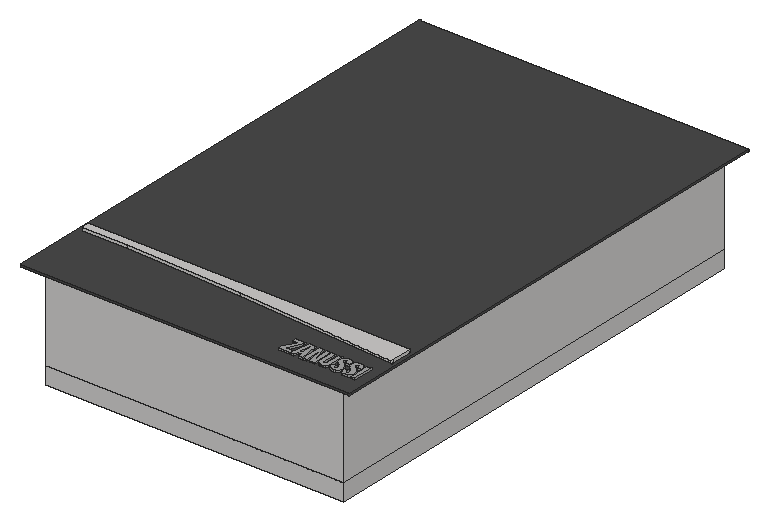
Revit family "QF_ZANUSSI_600888_Z1HDEDOMCS", category Specialty Equipment, Revit 2018
Family settings
  Round Connector Dimension = Use Diameter
  Part Type = Normal
  Work Plane-Based = No
  Always vertical = Yes
  Cut with Voids When Loaded = No
  Shared = No
  Room Calculation Point = No
Parameters (values of type "Standard")
  Watts = 0 W
  Volts = 220 V
  URL = "http://www.zanussiprofessional.com"
  Steam Supply Size = 0 mm
  Steam Supply Minimum Pressure = 0.0 Pa
  Steam Supply Maximum Pressure = 0.0 Pa
  Steam Pounds per Hour = 0
  Show Logo [instance] = yes
  Manufacturer = "Zanussi"
  Phase = 1
  Model = "Z1HDEDOMCS"
  Item Number = "600888"
  Hot Water Size = 0 mm
  HP = "4.7 HP"
  Gas Size = 0 mm
  Gas KW = 0
  Direct Waste Size = 0 mm
  Description = "PLUG-IN INDUCTION MONO ZONE COOK TOP, DROP-IN"
  Cycle = 60 Hz
  Condensate Return Size = 0 mm
  Compressed Air Volume = 0.0 L/s
  Compressed Air Size = 0 mm
  Compressed Air Pressure = 0.0 Pa
  Cold Water Size = 0 mm
Types (2, lengths in mm): name | URL | Manufacturer | Phase | Model | Description
  (no name) | 0 | 0 | 0 | 0 | 0
  Standard | "http://www.zanussiprofessional.com" | "Zanussi" | 1 | "Z1HDEDOMCS" | "PLUG-IN INDUCTION MONO ZONE COOK TOP, DROP-IN"
Values of the unnamed type that differ from the named types
  Volts = 0 V
  Item Number = ""
  Cycle = 0 Hz
Reference planes
  plane 1 "Centro (Fronte/Retro)": y = 74.737
  plane 2: z = 0
  plane 3: x = -514.269
  plane 4 "LEFT": x = -709.269
  plane 5 "RIGHT": x = -319.269
  plane 6 "BACK": y = 369.737
  plane 7 "FRONT": y = -220.263
  plane 8: y = -124.263
  plane 9: x = -690.269
  plane 10: x = -338.269
  plane 11: y = 355.737
  plane 12: y = -205.263
  plane 13: x = -442.269
  plane 14: y = 179.737
  plane 15: z = 900
Forms (mm)
  Extrusion 1, solid, material "QF_Finishes_Stainless Steel"
    sketch origin (0, 0, 774) x (1, 0, 0) y (0, 1, 0)
      loop
        line (-341.269, 352.737) -> (-687.269, 352.737) -> (-687.269, -202.263) -> (-341.269, -202.263) -> (-341.269, 352.737)
      loop
        line (-690.269, 355.737) -> (-690.269, -205.263) -> (-338.269, -205.263) -> (-338.269, 355.737) -> (-690.269, 355.737)
    from 21 to 126
  Extrusion 2, solid, material "QF_Finishes_Black"
    sketch origin (0, 0, 900) x (-1, 0, 0) y (0, -1, 0)
      loop
        arc (707.269, -369.737) -> (708.683, -369.151) -> (709.269, -367.737) r 2
        line (709.269, -367.737) -> (709.269, 218.263)
        arc (709.269, 218.263) -> (708.683, 219.677) -> (707.269, 220.263) r 2
        line (707.269, 220.263) -> (321.269, 220.263)
        arc (321.269, 220.263) -> (319.854, 219.677) -> (319.269, 218.263) r 2
        line (319.269, 218.263) -> (319.269, -367.737)
        arc (319.269, -367.737) -> (319.854, -369.151) -> (321.269, -369.737) r 2
        line (321.269, -369.737) -> (707.269, -369.737)
    from 0 to 2
  Extrusion 3, solid, material "QF_Finishes_Stainless Steel"
    sketch origin (0, 0, 775) x (1, 0, 0) y (0, 1, 0)
      loop
        line (-690.269, 355.737) -> (-690.269, -205.263) -> (-338.269, -205.263) -> (-338.269, 355.737) -> (-690.269, 355.737)
    from 0 to 20
  Extrusion 4, solid, material "QF_Finishes_Stainless Steel"
    sketch origin (0, 0, 127) x (-1, 0, 0) y (0, -1, 0)
      loop
        circle (442.269, -179.737) r 10
    from 638.028 to 648
  Extrusion 5, solid, material "QF_Finishes_Stainless Steel"
    sketch origin (0, 0, 900) x (-1, 0, 0) y (0, -1, 0)
      loop
        arc (702.769, 124.263) -> (703.829, 124.702) -> (704.269, 125.763) r 1.5
        line (704.269, 125.763) -> (704.269, 132.763)
        arc (704.269, 132.763) -> (703.829, 133.824) -> (702.769, 134.263) r 1.5
        line (702.769, 134.263) -> (651.769, 134.263)
        arc (651.769, 134.263) -> (582.973, 135.513) -> (514.269, 139.263) r 1893.125
        arc (514.269, 139.263) -> (420.209, 148.26) -> (325.769, 151.263) r 1486.51
        arc (325.769, 151.263) -> (324.708, 150.824) -> (324.269, 149.763) r 1.5
        line (324.269, 149.763) -> (324.269, 125.763)
        arc (324.269, 125.763) -> (324.708, 124.702) -> (325.769, 124.263) r 1.5
        line (325.769, 124.263) -> (702.769, 124.263)
    from 2 to 5
Lines and regions (mm)
  Split face 1
    outline origin (0, 0, 902) x (-1, 0, 0) y (0, -1, 0)
      loop
        line (324.269, 124.263) -> (324.269, -364.737) -> (704.269, -364.737) -> (704.269, 124.263) -> (324.269, 124.263)
  Split face 2
    outline origin (0, 0, 902) x (-1, 0, 0) y (0, -1, 0)
      loop
        line (704.269, -364.737) -> (704.269, 124.263) -> (324.269, 124.263) -> (324.269, -364.737) -> (704.269, -364.737)
  Split face 3
    outline origin (0, 0, 902) x (-1, 0, 0) y (0, -1, 0)
      loop
        circle (514.269, -120.237) r 139
  symbolic lines
    curve 1: arc (-375.269, 120.237, 126) -> (-514.269, 259.237, 126) -> (-653.269, 120.237, 126) r 139
    curve 2: arc (-653.269, 120.237, 126) -> (-514.269, -18.763, 126) -> (-375.269, 120.237, 126) r 139
    curve 3: line (-324.269, -124.263, 126) -> (-704.269, -124.263, 126)
    curve 4: line (-704.269, -124.263, 126) -> (-704.269, 364.737, 126)
    curve 5: line (-324.269, 364.737, 126) -> (-324.269, -124.263, 126)
    curve 6: line (-704.269, 364.737, 126) -> (-324.269, 364.737, 126)
    curve 7: line (-321.269, 369.737, 126) -> (-707.269, 369.737, 126)
    curve 8: arc (-707.269, 369.737, 126) -> (-708.683, 369.151, 126) -> (-709.269, 367.737, 126) r 2
    curve 9: line (-709.269, 367.737, 126) -> (-709.269, -218.263, 126)
    curve 10: arc (-709.269, -218.263, 126) -> (-708.683, -219.677, 126) -> (-707.269, -220.263, 126) r 2
    curve 11: line (-707.269, -220.263, 126) -> (-321.269, -220.263, 126)
    curve 12: arc (-321.269, -220.263, 126) -> (-319.854, -219.677, 126) -> (-319.269, -218.263, 126) r 2
    curve 13: line (-319.269, -218.263, 126) -> (-319.269, 367.737, 126)
    curve 14: arc (-319.269, 367.737, 126) -> (-319.854, 369.151, 126) -> (-321.269, 369.737, 126) r 2
    curve 15: arc (-702.769, -124.263, 126) -> (-703.829, -124.702, 126) -> (-704.269, -125.763, 126) r 1.5
    curve 16: line (-704.269, -125.763, 126) -> (-704.269, -132.763, 126)
    curve 17: arc (-704.269, -132.763, 126) -> (-703.829, -133.824, 126) -> (-702.769, -134.263, 126) r 1.5
    curve 18: line (-702.769, -134.263, 126) -> (-651.769, -134.263, 126)
    curve 19: arc (-324.269, -125.763, 126) -> (-324.708, -124.702, 126) -> (-325.769, -124.263, 126) r 1.5
    curve 20: line (-324.269, -149.763, 126) -> (-324.269, -125.763, 126)
    curve 21: arc (-325.769, -151.263, 126) -> (-324.708, -150.824, 126) -> (-324.269, -149.763, 126) r 1.5
    curve 22: arc (-651.769, -134.263, 126) -> (-582.973, -135.513, 126) -> (-514.269, -139.263, 126) r 1893.125
    curve 23: arc (-514.269, -139.263, 126) -> (-420.209, -148.26, 126) -> (-325.769, -151.263, 126) r 1486.51
    curve 24: line (-415.208, -176.613, 126) -> (-422.226, -191.352, 126)
    curve 25: line (-422.226, -191.352, 126) -> (-422.226, -196.265, 126)
    curve 26: line (-422.226, -196.265, 126) -> (-409.452, -196.265, 126)
    curve 27: line (-409.452, -196.265, 126) -> (-409.452, -191.352, 126)
    curve 28: line (-409.452, -191.352, 126) -> (-416.821, -191.352, 126)
    curve 29: line (-416.821, -191.352, 126) -> (-409.452, -176.332, 126)
    curve 30: line (-409.452, -176.332, 126) -> (-409.452, -172.261, 126)
    curve 31: line (-409.452, -172.261, 126) -> (-421.665, -172.261, 126)
    curve 32: line (-421.665, -172.261, 126) -> (-421.665, -176.753, 126)
    curve 33: line (-421.665, -176.753, 126) -> (-415.208, -176.613, 126)
    curve 34: line (-404.82, -172.261, 126) -> (-409.172, -196.265, 126)
    curve 35: line (-409.172, -196.265, 126) -> (-404.118, -196.265, 126)
    curve 36: line (-404.118, -196.265, 126) -> (-403.416, -191.633, 126)
    curve 37: line (-403.416, -191.633, 126) -> (-399.346, -191.633, 126)
    curve 38: line (-399.346, -191.633, 126) -> (-398.644, -196.265, 126)
    curve 39: line (-398.644, -196.265, 126) -> (-393.59, -196.265, 126)
    curve 40: line (-393.59, -196.265, 126) -> (-398.082, -172.261, 126)
    curve 41: line (-398.082, -172.261, 126) -> (-404.82, -172.261, 126)
    curve 42: line (-401.451, -176.364, 126) -> (-400.047, -187.281, 126)
    curve 43: line (-400.047, -187.281, 126) -> (-402.855, -187.281, 126)
    curve 44: line (-402.855, -187.281, 126) -> (-401.451, -176.364, 126)
    curve 45: line (-393.309, -172.261, 126) -> (-393.309, -196.265, 126)
    curve 46: line (-393.309, -196.265, 126) -> (-388.958, -196.265, 126)
    curve 47: line (-388.958, -196.265, 126) -> (-388.958, -180.403, 126)
    curve 48: line (-388.958, -180.403, 126) -> (-384.887, -196.265, 126)
    curve 49: line (-384.887, -196.265, 126) -> (-379.553, -196.265, 126)
    curve 50: line (-379.553, -196.265, 126) -> (-379.553, -172.261, 126)
    curve 51: line (-379.553, -172.261, 126) -> (-384.045, -172.261, 126)
    curve 52: line (-384.045, -172.261, 126) -> (-384.045, -187.562, 126)
    curve 53: line (-384.045, -187.562, 126) -> (-388.116, -172.261, 126)
    curve 54: line (-388.116, -172.261, 126) -> (-393.309, -172.261, 126)
    curve 55: line (-378.43, -172.261, 126) -> (-378.43, -188.404, 126)
    curve 56: line (-378.43, -188.404, 126) -> (-378.149, -192.334, 126)
    curve 57: line (-378.149, -192.334, 126) -> (-377.728, -193.317, 126)
    curve 58: line (-377.728, -193.317, 126) -> (-376.745, -194.58, 126)
    curve 59: line (-376.745, -194.58, 126) -> (-375.763, -195.282, 126)
    curve 60: line (-375.763, -195.282, 126) -> (-373.797, -196.124, 126)
    curve 61: line (-373.797, -196.124, 126) -> (-372.815, -196.265, 126)
    curve 62: line (-372.815, -196.265, 126) -> (-370.569, -196.265, 126)
    curve 63: line (-370.569, -196.265, 126) -> (-369.446, -195.984, 126)
    curve 64: line (-369.446, -195.984, 126) -> (-367.761, -195.001, 126)
    curve 65: line (-367.761, -195.001, 126) -> (-365.796, -192.194, 126)
    curve 66: line (-365.796, -192.194, 126) -> (-365.656, -191.211, 126)
    curve 67: line (-365.656, -191.211, 126) -> (-365.656, -172.261, 126)
    curve 68: line (-365.656, -172.261, 126) -> (-370.569, -172.261, 126)
    curve 69: line (-370.569, -172.261, 126) -> (-370.569, -190.088, 126)
    curve 70: line (-370.569, -190.088, 126) -> (-371.13, -191.352, 126)
    curve 71: line (-371.13, -191.352, 126) -> (-372.675, -191.492, 126)
    curve 72: line (-372.675, -191.492, 126) -> (-373.517, -190.509, 126)
    curve 73: line (-373.517, -190.509, 126) -> (-373.517, -172.261, 126)
    curve 74: line (-373.517, -172.261, 126) -> (-378.43, -172.261, 126)
    curve 75: line (-353.163, -184.895, 126) -> (-358.778, -179.841, 126)
    curve 76: line (-358.778, -179.841, 126) -> (-359.479, -178.999, 126)
    curve 77: line (-359.479, -178.999, 126) -> (-359.76, -176.753, 126)
    curve 78: line (-359.76, -176.753, 126) -> (-358.076, -175.911, 126)
    curve 79: line (-358.076, -175.911, 126) -> (-356.672, -176.893, 126)
    curve 80: line (-356.672, -176.893, 126) -> (-356.532, -179.841, 126)
    curve 81: line (-356.532, -179.841, 126) -> (-351.899, -179.841, 126)
    curve 82: line (-351.899, -179.841, 126) -> (-352.18, -175.068, 126)
    curve 83: line (-352.18, -175.068, 126) -> (-355.128, -172.401, 126)
    curve 84: line (-355.128, -172.401, 126) -> (-363.269, -173.805, 126)
    curve 85: line (-363.269, -173.805, 126) -> (-364.252, -180.824, 126)
    curve 86: line (-364.252, -180.824, 126) -> (-362.006, -184.052, 126)
    curve 87: line (-362.006, -184.052, 126) -> (-359.62, -186.158, 126)
    curve 88: line (-359.62, -186.158, 126) -> (-356.672, -189.106, 126)
    curve 89: line (-356.672, -189.106, 126) -> (-357.233, -191.773, 126)
    curve 90: line (-357.233, -191.773, 126) -> (-359.058, -191.913, 126)
    curve 91: line (-359.058, -191.913, 126) -> (-360.041, -187.842, 126)
    curve 92: line (-360.041, -187.842, 126) -> (-364.954, -187.842, 126)
    curve 93: line (-364.954, -187.842, 126) -> (-363.55, -194.44, 126)
    curve 94: line (-363.55, -194.44, 126) -> (-357.374, -196.265, 126)
    curve 95: line (-357.374, -196.265, 126) -> (-351.759, -192.334, 126)
    curve 96: line (-351.759, -192.334, 126) -> (-353.163, -184.895, 126)
    curve 97: line (-339.266, -184.754, 126) -> (-345.161, -179.42, 126)
    curve 98: line (-345.161, -179.42, 126) -> (-345.863, -177.595, 126)
    curve 99: line (-345.863, -177.595, 126) -> (-345.302, -176.191, 126)
    curve 100: line (-345.302, -176.191, 126) -> (-344.038, -175.911, 126)
    curve 101: line (-344.038, -175.911, 126) -> (-342.635, -176.893, 126)
    curve 102: line (-342.635, -176.893, 126) -> (-342.494, -179.701, 126)
    curve 103: line (-342.494, -179.701, 126) -> (-337.722, -179.841, 126)
    curve 104: line (-337.722, -179.841, 126) -> (-338.283, -174.928, 126)
    curve 105: line (-338.283, -174.928, 126) -> (-345.723, -171.98, 126)
    curve 106: line (-345.723, -171.98, 126) -> (-350.215, -175.63, 126)
    curve 107: line (-350.215, -175.63, 126) -> (-348.951, -182.929, 126)
    curve 108: line (-348.951, -182.929, 126) -> (-343.758, -187.562, 126)
    curve 109: line (-343.758, -187.562, 126) -> (-342.635, -189.246, 126)
    curve 110: line (-342.635, -189.246, 126) -> (-343.056, -191.773, 126)
    curve 111: line (-343.056, -191.773, 126) -> (-344.46, -192.054, 126)
    curve 112: line (-344.46, -192.054, 126) -> (-346.003, -187.702, 126)
    curve 113: line (-346.003, -187.702, 126) -> (-350.917, -187.842, 126)
    curve 114: line (-350.917, -187.842, 126) -> (-349.092, -194.721, 126)
    curve 115: line (-349.092, -194.721, 126) -> (-341.091, -195.703, 126)
    curve 116: line (-341.091, -195.703, 126) -> (-338.002, -192.896, 126)
    curve 117: line (-338.002, -192.896, 126) -> (-339.266, -184.754, 126)
    curve 118: line (-331.966, -172.261, 126) -> (-336.879, -172.261, 126)
    curve 119: line (-336.879, -172.261, 126) -> (-336.879, -196.265, 126)
    curve 120: line (-336.879, -196.265, 126) -> (-331.966, -196.265, 126)
    curve 121: line (-331.966, -196.265, 126) -> (-331.966, -172.261, 126)
Dimensions and locks
  equal spacing: plane 4 "LEFT", plane 3, plane 5 "RIGHT"
  plane 4 "LEFT" to plane 5 "RIGHT" = 390 mm
  equal spacing: plane 6 "BACK", plane 1 "Centro (Fronte/Retro)", plane 7 "FRONT"
  plane 6 "BACK" to plane 7 "FRONT" = 590 mm
  locked: plane 4 "LEFT" to plane 9 at 19
  locked: plane 10 to plane 5 "RIGHT" at 19
  locked: plane 6 "BACK" to plane 11 at 14
  locked: plane 12 to plane 7 "FRONT" at 15
  locked: plane 13 to plane 5 "RIGHT" at 123
  plane 6 "BACK" to plane 14 = 190 mm
  plane 15 to level = 900 mm
  aligned and locked: level to plane 2
Automatic sketch dimensions
  curve 1 to curve 2 = 0 mm  (x2)
  curve 13 to plane 5 "RIGHT" = 0 mm
  curve 12 to plane 7 "FRONT" = 0 mm
  curve 14 to plane 6 "BACK" = 0 mm
  curve 5 to plane 8 = 0 mm
  curve 23 to plane 3 = 0 mm
  curve 2 to plane 3 = 0 mm
  curve 9 to plane 4 "LEFT" = 0 mm
  curve 12 to plane 5 "RIGHT" = 2 mm
  curve 14 to plane 5 "RIGHT" = 2 mm
  curve 14 to curve 5 = 3 mm
  curve 20 to plane 5 "RIGHT" = 5 mm
  curve 21 to curve 21 = 1.5 mm
  curve 19 to curve 19 = 1.5 mm
  plane 10 to curve 121 = 6.302 mm
  plane 10 to curve 118 = 1.389 mm
  plane 10 to curve 104 = 0.547 mm
  plane 10 to curve 116 = 0.266 mm
  curve 105 to plane 10 = 0.014 mm
  curve 97 to plane 10 = 0.997 mm
  curve 115 to plane 10 = 2.822 mm
  curve 103 to plane 10 = 4.225 mm
  curve 110 to plane 10 = 4.366 mm
  curve 102 to curve 101 = 0.141 mm
  curve 109 to curve 110 = 0.421 mm
  curve 109 to curve 108 = 1.123 mm
  curve 101 to curve 101 = 1.404 mm
  curve 110 to curve 111 = 1.404 mm
  curve 102 to curve 97 = 2.667 mm
  curve 100 to curve 100 = 1.263 mm
  curve 99 to curve 106 = 0.421 mm
  curve 99 to curve 98 = 0.562 mm
  curve 108 to curve 112 = 2.246 mm
  curve 97 to curve 108 = 3.79 mm
  curve 111 to curve 115 = 4.632 mm
  curve 98 to curve 106 = 4.352 mm
  curve 112 to curve 113 = 4.913 mm
  curve 114 to curve 95 = 2.667 mm
  curve 107 to curve 81 = 2.948 mm
  curve 106 to curve 83 = 1.965 mm
  curve 113 to curve 75 = 2.246 mm
  curve 82 to curve 83 = 2.948 mm
  curve 81 to curve 80 = 4.632 mm
  curve 80 to curve 79 = 0.14 mm
  curve 75 to curve 88 = 3.509 mm
  curve 88 to curve 90 = 0.562 mm
  plane 12 to curve 94 = 8.998 mm
  curve 89 to curve 94 = 0.14 mm
  curve 79 to curve 78 = 1.404 mm
  curve 80 to curve 76 = 2.246 mm
  curve 89 to curve 90 = 1.825 mm
  curve 75 to curve 77 = 0.702 mm
  curve 88 to curve 88 = 2.948 mm
  curve 78 to curve 78 = 1.684 mm
  curve 87 to curve 92 = 0.421 mm
  curve 87 to curve 87 = 2.386 mm
  curve 77 to curve 84 = 3.509 mm
  plane 12 to curve 93 = 10.823 mm
  curve 90 to curve 93 = 4.492 mm
  curve 86 to curve 85 = 2.246 mm
  curve 86 to curve 92 = 2.948 mm
  curve 84 to curve 67 = 2.386 mm
  plane 12 to curve 65 = 13.069 mm
  curve 66 to curve 65 = 0.14 mm
  plane 12 to curve 65 = 10.262 mm
  curve 65 to curve 65 = 1.965 mm
  plane 12 to curve 64 = 9.279 mm
  curve 64 to curve 64 = 1.685 mm
  curve 66 to curve 69 = 4.913 mm
  curve 63 to curve 62 = 1.123 mm
  plane 12 to curve 71 = 13.911 mm
  curve 69 to curve 71 = 0.561 mm
  plane 12 to curve 72 = 13.771 mm
  curve 70 to curve 72 = 1.544 mm
  plane 12 to curve 61 = 8.998 mm
  curve 62 to curve 61 = 2.246 mm
  curve 71 to curve 73 = 0.842 mm
  plane 12 to curve 60 = 9.139 mm
  curve 61 to curve 60 = 0.982 mm
  plane 12 to curve 60 = 9.981 mm
  curve 60 to curve 60 = 1.965 mm
  plane 12 to curve 59 = 10.683 mm
  curve 59 to curve 59 = 0.983 mm
  plane 12 to curve 57 = 11.946 mm
  curve 58 to curve 57 = 0.983 mm
  plane 12 to curve 56 = 12.929 mm
  curve 57 to curve 56 = 0.421 mm
  curve 56 to curve 55 = 0.281 mm
  curve 55 to curve 50 = 1.123 mm
  curve 50 to curve 52 = 4.492 mm
  curve 49 to curve 49 = 5.334 mm
  curve 51 to curve 54 = 4.071 mm
  plane 12 to curve 48 = 24.86 mm
  curve 53 to curve 48 = 0.842 mm
  curve 53 to curve 54 = 5.194 mm
  plane 12 to curve 40 = 8.998 mm
  curve 45 to curve 40 = 0.281 mm
  curve 45 to curve 40 = 4.773 mm
  curve 39 to curve 39 = 5.053 mm
  plane 12 to curve 38 = 13.63 mm
  curve 38 to curve 38 = 0.702 mm
  curve 37 to curve 43 = 0.702 mm
  curve 40 to curve 44 = 3.369 mm
  curve 42 to curve 43 = 2.807 mm
  curve 37 to curve 37 = 4.071 mm
  curve 36 to curve 35 = 0.702 mm
  curve 42 to curve 41 = 3.369 mm
  plane 12 to curve 34 = 8.998 mm
  curve 35 to curve 34 = 5.054 mm
  curve 34 to curve 28 = 0.281 mm
  curve 34 to curve 29 = 4.632 mm
  curve 29 to curve 33 = 5.755 mm
  curve 27 to curve 29 = 7.368 mm
  curve 24 to curve 32 = 6.457 mm
  curve 28 to curve 25 = 5.406 mm
  plane 9 to curve 22 = 38.5 mm
  plane 4 "LEFT" to curve 18 = 6.5 mm
  curve 15 to plane 8 = 1.5 mm
  plane 4 "LEFT" to curve 15 = 6.5 mm
  curve 15 to curve 4 = 1.5 mm
  plane 4 "LEFT" to curve 7 = 2 mm
  curve 10 to curve 9 = 2 mm
  plane 6 "BACK" to curve 23 = 965.51 mm
  curve 8 to curve 6 = 3 mm
  curve 2 to plane 1 "Centro (Fronte/Retro)" = 45.5 mm
  curve 15 to curve 17 = 7 mm
  curve 19 to curve 20 = 24 mm
  curve 105 to curve 94 = 24.285 mm
  curve 74 to curve 47 = 8.142 mm
  curve 73 to curve 68 = 0 mm
  curve 105 to curve 118 = 0.281 mm
  curve 54 to curve 47 = 8.142 mm
  curve 53 to curve 52 = 0 mm
  curve 41 to curve 45 = 0 mm
  curve 30 to curve 34 = 0 mm
  curve 105 to curve 84 = 0.421 mm
  curve 67 to curve 84 = 1.544 mm
  curve 118 to curve 104 = 2.667 mm
  curve 83 to curve 82 = 2.667 mm
  curve 82 to curve 106 = 0.561 mm
  curve 105 to curve 100 = 3.93 mm
  curve 83 to curve 79 = 3.509 mm
  curve 100 to curve 99 = 0.281 mm
  curve 30 to curve 29 = 4.071 mm
  curve 40 to curve 42 = 4.103 mm
  curve 29 to curve 33 = 0.281 mm
  curve 78 to curve 78 = 0.842 mm
  curve 31 to curve 33 = 4.492 mm
  curve 100 to curve 102 = 0.983 mm
  curve 78 to curve 80 = 0.983 mm
  curve 99 to curve 99 = 1.404 mm
  curve 77 to curve 77 = 2.246 mm
  curve 98 to curve 98 = 1.825 mm
  curve 97 to curve 102 = 0.281 mm
  curve 76 to curve 76 = 0.842 mm
  curve 75 to curve 80 = 0 mm
  curve 102 to curve 103 = 0.14 mm
  curve 76 to curve 86 = 1.825 mm
  curve 81 to curve 107 = 3.088 mm
  curve 85 to curve 87 = 3.228 mm
  curve 103 to curve 117 = 4.913 mm
  curve 107 to curve 75 = 1.965 mm
  curve 86 to curve 88 = 2.106 mm
  curve 42 to curve 37 = 4.352 mm
  curve 97 to curve 108 = 2.807 mm
  curve 52 to curve 56 = 4.773 mm
  curve 108 to curve 112 = 0.14 mm
  curve 87 to curve 92 = 1.684 mm
  curve 75 to curve 113 = 2.948 mm
  curve 55 to curve 56 = 3.93 mm
  curve 91 to curve 88 = 1.264 mm
  curve 108 to curve 110 = 1.685 mm
  curve 70 to curve 70 = 1.263 mm
  curve 73 to curve 71 = 0.983 mm
  curve 66 to curve 65 = 0.982 mm
  curve 29 to curve 34 = 4.913 mm
  curve 25 to curve 28 = 0 mm
  curve 109 to curve 111 = 2.527 mm
  curve 88 to curve 90 = 2.667 mm
  curve 89 to curve 90 = 0.14 mm
  curve 110 to curve 111 = 0.281 mm
  curve 113 to curve 96 = 4.492 mm
  curve 110 to curve 117 = 1.123 mm
  curve 95 to curve 114 = 2.386 mm
  curve 116 to curve 115 = 2.807 mm
  curve 116 to curve 119 = 3.369 mm
  curve 39 to curve 45 = 0 mm
  curve 24 to curve 25 = 4.913 mm
  curve 58 to curve 50 = 1.684 mm
  curve 22 to plane 7 "FRONT" = 1807.125 mm
  curve 1 to plane 10 = 37 mm
  Extrusion 1 sketch curve to plane 9 = 0 mm
  Extrusion 1 sketch curve to plane 10 = 0 mm
  Extrusion 1 sketch curve to plane 12 = 0 mm
  Extrusion 1 sketch curve to plane 11 = 0 mm
  plane 9 to Extrusion 1 sketch curve = 3 mm
  Extrusion 1 sketch curve to plane 10 = 3 mm
  plane 12 to Extrusion 1 sketch curve = 3 mm
  Extrusion 1 sketch curve to plane 11 = 3 mm
  Extrusion 2 sketch curve to plane 5 "RIGHT" = 0 mm
  Extrusion 2 sketch curve to plane 6 "BACK" = 0 mm
  Extrusion 2 sketch curve to plane 7 "FRONT" = 0 mm
  Extrusion 2 sketch curve to plane 4 "LEFT" = 0 mm
  Extrusion 2 sketch curve to plane 5 "RIGHT" = 2 mm  (x2)
  plane 4 "LEFT" to Extrusion 2 sketch curve = 2 mm
  Extrusion 2 sketch curve to Extrusion 2 sketch curve = 2 mm
  Split face 1 sketch curve to Extrusion 2 = 5 mm  (x3)
  Split face 1 sketch curve to Extrusion 2 = 96 mm
  Extrusion 3 sketch curve to plane 9 = 0 mm
  Extrusion 3 sketch curve to plane 10 = 0 mm
  Extrusion 3 sketch curve to plane 12 = 0 mm
  Extrusion 3 sketch curve to plane 11 = 0 mm
  Extrusion 4 sketch curve to plane 13 = 0 mm
  Extrusion 4 sketch curve to plane 14 = 0 mm
  Split face 2 sketch curve to Extrusion 2 = 5 mm  (x3)
  Split face 2 sketch curve to Extrusion 2 = 96 mm
  Split face 3 sketch curve to Split face 3 sketch curve = 0 mm  (x2)
  Split face 3 sketch curve to Extrusion 2 = 195 mm
  Split face 3 sketch curve to Extrusion 2 = 249.5 mm
  Split face 3 sketch curve to Extrusion 2 = 56 mm
  Extrusion 5 sketch curve to plane 8 = 0 mm
  Extrusion 5 sketch curve to plane 3 = 0 mm
  Extrusion 5 sketch curve to plane 5 "RIGHT" = 6.5 mm  (x2)
  Extrusion 5 sketch curve to Extrusion 5 sketch curve = 1.5 mm  (x2)
  plane 9 to Extrusion 5 sketch curve = 38.5 mm
  Extrusion 5 sketch curve to plane 8 = 1.5 mm
  plane 4 "LEFT" to Extrusion 5 sketch curve = 6.5 mm
  plane 6 "BACK" to Extrusion 5 sketch curve = 965.51 mm
  Extrusion 5 sketch curve to Extrusion 5 sketch curve = 7 mm
  Extrusion 5 sketch curve to Extrusion 5 sketch curve = 24 mm
  Extrusion 5 sketch curve to plane 7 "FRONT" = 1807.125 mm
  radius of Extrusion 4 sketch curve = 10 mm
Nested families
  nested 1: "ZAN_Logo_S_Grey" at (-377.096, -184.263, 902), visible <- "Show Logo", type "ZAN_Logo_S_Grey"
Connectors
  electrical at (-442.269, 179.737, 765.028)
    settings: on Extrusion 4, index 1, voltage 0 V, apparent load 0 VA, apparent load phase1 0 VA, apparent load phase2 0 VA, apparent load phase3 0 VA, power factor 1, load classification "Altro", number of poles 1, system type 30, power factor state 1, is connector primary yes, connector utility no, sub classification motor no, connector description "Electrical"
Definition of nested family "ZAN_Logo_S_Grey"
  Parameters (values of type "ZAN_Logo_S_Grey")
    Default Elevation = 0 mm
  Reference planes
    plane 1 "Centro (Fronte/Retro)": y = 0
    plane 2: z = 0
    plane 3 "Centro (Sinistra/Destra)": x = 0
  Forms (mm)
    Extrusion 1, solid
      sketch origin (0, 0, 0) x (1, 0, 0) y (0, 1, 0)
        loop
          line (-1219.2, 1219.2) -> (-1219.2, -1219.2) -> (1219.2, -1219.2) -> (1219.2, 1219.2) -> (-1219.2, 1219.2)
      from 0 to -304.8
    Extrusion 2, solid
      sketch origin (17.793, -46.218, 0) x (-1, 0, 0) y (0, -1, 0)
        loop
          spline (-4.176, -58.079) -> (-3.496, -58.328) -> (-2.793, -58.512) -> (-2.075, -58.63) -> (-1.348, -58.682) -> (-0.619, -58.669) -> (0.106, -58.588) -> (0.818, -58.44) -> (1.512, -58.225) -> (2.18, -57.941) -> (2.817, -57.589) -> (3.414, -57.167) -> (3.966, -56.676)
          spline (3.966, -56.676) -> (4.293, -56.162) -> (4.575, -55.61) -> (4.81, -55.026) -> (5, -54.419) -> (5.146, -53.797) -> (5.247, -53.166) -> (5.304, -52.536) -> (5.318, -51.913) -> (5.288, -51.306) -> (5.217, -50.723) -> (5.103, -50.17) -> (4.949, -49.657)
          line (4.949, -49.657) -> (2.702, -46.428) -> (0.316, -44.323)
          spline (0.316, -44.323) -> (0.065, -44.115) -> (-0.195, -43.909) -> (-0.46, -43.704) -> (-0.729, -43.496) -> (-0.997, -43.282) -> (-1.263, -43.059) -> (-1.523, -42.825) -> (-1.774, -42.576) -> (-2.013, -42.309) -> (-2.238, -42.022) -> (-2.445, -41.712) -> (-2.632, -41.375)
          spline (-2.632, -41.375) -> (-2.666, -41.159) -> (-2.697, -40.934) -> (-2.722, -40.701) -> (-2.736, -40.465) -> (-2.736, -40.227) -> (-2.72, -39.989) -> (-2.682, -39.754) -> (-2.621, -39.524) -> (-2.533, -39.302) -> (-2.414, -39.091) -> (-2.261, -38.892) -> (-2.07, -38.708)
          line (-2.07, -38.708) -> (-0.245, -38.567)
          spline (-0.245, -38.567) -> (0.096, -38.8) -> (0.354, -39.074) -> (0.54, -39.381) -> (0.664, -39.716) -> (0.738, -40.073) -> (0.772, -40.445) -> (0.777, -40.825) -> (0.763, -41.208) -> (0.742, -41.588) -> (0.723, -41.957) -> (0.718, -42.309) -> (0.737, -42.638)
          line (0.737, -42.638) -> (5.65, -42.638)
          spline (5.65, -42.638) -> (5.708, -42.042) -> (5.741, -41.448) -> (5.747, -40.857) -> (5.723, -40.273) -> (5.668, -39.696) -> (5.58, -39.129) -> (5.457, -38.574) -> (5.297, -38.032) -> (5.098, -37.506) -> (4.857, -36.997) -> (4.574, -36.508) -> (4.247, -36.041)
          spline (4.247, -36.041) -> (3.844, -35.675) -> (3.409, -35.35) -> (2.946, -35.065) -> (2.458, -34.819) -> (1.949, -34.612) -> (1.421, -34.444) -> (0.88, -34.314) -> (0.326, -34.221) -> (-0.234, -34.165) -> (-0.8, -34.146) -> (-1.366, -34.163) -> (-1.93, -34.216)
          spline (-1.93, -34.216) -> (-2.526, -34.309) -> (-3.116, -34.448) -> (-3.695, -34.633) -> (-4.259, -34.861) -> (-4.801, -35.131) -> (-5.316, -35.444) -> (-5.799, -35.798) -> (-6.245, -36.191) -> (-6.648, -36.624) -> (-7.002, -37.095) -> (-7.303, -37.603) -> (-7.545, -38.146)
          spline (-7.545, -38.146) -> (-7.694, -38.815) -> (-7.792, -39.487) -> (-7.839, -40.158) -> (-7.836, -40.824) -> (-7.785, -41.482) -> (-7.685, -42.129) -> (-7.539, -42.762) -> (-7.347, -43.377) -> (-7.111, -43.97) -> (-6.83, -44.538) -> (-6.506, -45.078) -> (-6.141, -45.586)
          line (-6.141, -45.586) -> (-0.526, -50.64) -> (0.176, -51.482)
          spline (0.176, -51.482) -> (0.248, -51.66) -> (0.323, -51.843) -> (0.397, -52.03) -> (0.467, -52.22) -> (0.529, -52.412) -> (0.579, -52.605) -> (0.615, -52.798) -> (0.633, -52.989) -> (0.63, -53.179) -> (0.601, -53.366) -> (0.545, -53.55) -> (0.456, -53.728)
          spline (0.456, -53.728) -> (0.375, -53.892) -> (0.273, -54.034) -> (0.154, -54.155) -> (0.02, -54.258) -> (-0.126, -54.343) -> (-0.28, -54.412) -> (-0.441, -54.466) -> (-0.604, -54.508) -> (-0.767, -54.537) -> (-0.928, -54.556) -> (-1.082, -54.567) -> (-1.228, -54.57)
          line (-1.228, -54.57) -> (-2.632, -53.587) -> (-2.772, -50.64) -> (-7.405, -50.64)
          spline (-7.405, -50.64) -> (-7.41, -51.031) -> (-7.423, -51.432) -> (-7.44, -51.839) -> (-7.456, -52.251) -> (-7.469, -52.665) -> (-7.475, -53.079) -> (-7.468, -53.489) -> (-7.446, -53.894) -> (-7.404, -54.291) -> (-7.339, -54.679) -> (-7.247, -55.053) -> (-7.123, -55.412)
          spline (-7.123, -55.412) -> (-6.999, -55.693) -> (-6.837, -55.97) -> (-6.643, -56.244) -> (-6.422, -56.509) -> (-6.177, -56.765) -> (-5.913, -57.009) -> (-5.634, -57.238) -> (-5.346, -57.45) -> (-5.051, -57.643) -> (-4.755, -57.814) -> (-4.462, -57.96) -> (-4.176, -58.079)
        loop
          spline (-21.021, -55.552) -> (-20.633, -56.181) -> (-20.177, -56.736) -> (-19.661, -57.217) -> (-19.092, -57.627) -> (-18.478, -57.966) -> (-17.827, -58.237) -> (-17.147, -58.441) -> (-16.446, -58.578) -> (-15.73, -58.652) -> (-15.009, -58.662) -> (-14.29, -58.611) -> (-13.581, -58.5)
          spline (-13.581, -58.5) -> (-13.088, -58.407) -> (-12.595, -58.269) -> (-12.109, -58.088) -> (-11.636, -57.866) -> (-11.183, -57.605) -> (-10.756, -57.307) -> (-10.361, -56.974) -> (-10.004, -56.608) -> (-9.692, -56.211) -> (-9.431, -55.784) -> (-9.228, -55.33) -> (-9.089, -54.851)
          spline (-9.089, -54.851) -> (-8.873, -54.211) -> (-8.715, -53.559) -> (-8.615, -52.901) -> (-8.574, -52.241) -> (-8.592, -51.585) -> (-8.668, -50.938) -> (-8.802, -50.306) -> (-8.995, -49.693) -> (-9.247, -49.106) -> (-9.557, -48.55) -> (-9.925, -48.03) -> (-10.352, -47.551)
          line (-10.352, -47.551) -> (-15.546, -42.919) -> (-16.669, -41.234)
          spline (-16.669, -41.234) -> (-16.704, -41.021) -> (-16.735, -40.804) -> (-16.761, -40.583) -> (-16.778, -40.361) -> (-16.784, -40.139) -> (-16.774, -39.919) -> (-16.748, -39.701) -> (-16.7, -39.488) -> (-16.63, -39.28) -> (-16.533, -39.08) -> (-16.406, -38.889) -> (-16.248, -38.708)
          line (-16.248, -38.708) -> (-14.844, -38.427)
          spline (-14.844, -38.427) -> (-14.347, -38.545) -> (-13.969, -38.749) -> (-13.695, -39.028) -> (-13.508, -39.368) -> (-13.393, -39.757) -> (-13.335, -40.182) -> (-13.318, -40.63) -> (-13.326, -41.089) -> (-13.344, -41.546) -> (-13.356, -41.988) -> (-13.347, -42.403) -> (-13.3, -42.779)
          line (-13.3, -42.779) -> (-8.387, -42.638)
          spline (-8.387, -42.638) -> (-8.326, -42.034) -> (-8.288, -41.417) -> (-8.277, -40.794) -> (-8.299, -40.169) -> (-8.357, -39.548) -> (-8.457, -38.936) -> (-8.604, -38.339) -> (-8.803, -37.762) -> (-9.058, -37.21) -> (-9.375, -36.689) -> (-9.758, -36.204) -> (-10.212, -35.76)
          spline (-10.212, -35.76) -> (-10.793, -35.336) -> (-11.409, -34.976) -> (-12.054, -34.679) -> (-12.723, -34.445) -> (-13.409, -34.273) -> (-14.107, -34.163) -> (-14.811, -34.115) -> (-15.515, -34.127) -> (-16.213, -34.2) -> (-16.899, -34.333) -> (-17.568, -34.526) -> (-18.213, -34.777)
          spline (-18.213, -34.777) -> (-18.496, -34.897) -> (-18.783, -35.044) -> (-19.071, -35.216) -> (-19.357, -35.412) -> (-19.639, -35.629) -> (-19.915, -35.865) -> (-20.182, -36.119) -> (-20.438, -36.389) -> (-20.681, -36.672) -> (-20.907, -36.967) -> (-21.115, -37.272) -> (-21.301, -37.585)
          spline (-21.301, -37.585) -> (-21.55, -38.26) -> (-21.734, -38.948) -> (-21.854, -39.647) -> (-21.91, -40.351) -> (-21.901, -41.057) -> (-21.828, -41.761) -> (-21.69, -42.459) -> (-21.489, -43.148) -> (-21.222, -43.823) -> (-20.892, -44.48) -> (-20.497, -45.116) -> (-20.038, -45.726)
          line (-20.038, -45.726) -> (-14.142, -51.061) -> (-13.44, -52.886) -> (-14.002, -54.289) -> (-15.265, -54.57) -> (-16.669, -53.587) -> (-16.81, -50.78) -> (-21.582, -50.64)
          spline (-21.582, -50.64) -> (-21.558, -51.063) -> (-21.55, -51.491) -> (-21.554, -51.92) -> (-21.561, -52.35) -> (-21.567, -52.778) -> (-21.565, -53.201) -> (-21.547, -53.619) -> (-21.509, -54.029) -> (-21.444, -54.43) -> (-21.345, -54.818) -> (-21.206, -55.193) -> (-21.021, -55.552)
        loop
          line (-22.424, -34.216) -> (-27.337, -34.216) -> (-27.337, -58.22) -> (-22.424, -58.22) -> (-22.424, -34.216)
        loop
          line (14.213, -39.971) -> (14.213, -58.22) -> (19.126, -58.22) -> (19.126, -42.077) -> (18.845, -38.146) -> (18.424, -37.164) -> (17.442, -35.9) -> (16.459, -35.199) -> (14.494, -34.356) -> (13.511, -34.216) -> (11.265, -34.216) -> (10.142, -34.497) -> (8.458, -35.479) -> (6.493, -38.287) -> (6.352, -39.269) -> (6.352, -58.22) -> (11.265, -58.22) -> (11.265, -40.392) -> (11.827, -39.129) -> (13.371, -38.988) -> (14.213, -39.971)
        loop
          line (20.249, -58.22) -> (24.741, -58.22) -> (24.741, -42.919) -> (28.812, -58.22) -> (34.006, -58.22) -> (34.006, -34.216) -> (29.654, -34.216) -> (29.654, -50.078) -> (25.583, -34.216) -> (20.249, -34.216) -> (20.249, -58.22)
        loop
          line (50.149, -58.22) -> (62.361, -58.22) -> (62.361, -53.728) -> (55.904, -53.868) -> (62.923, -39.129) -> (62.923, -34.216) -> (50.149, -34.216) -> (50.149, -39.129) -> (57.517, -39.129) -> (50.149, -54.149) -> (50.149, -58.22)
        loop
          line (38.778, -58.22) -> (45.516, -58.22) -> (49.868, -34.216) -> (44.814, -34.216) -> (44.113, -38.848) -> (40.042, -38.848) -> (39.34, -34.216) -> (34.286, -34.216) -> (38.778, -58.22)
        loop
          line (43.551, -43.2) -> (40.744, -43.2) -> (42.147, -54.117) -> (43.551, -43.2)
      from 0 to 1.644
  Dimensions and locks
    aligned and locked: plane 2 to Extrusion 1
    aligned and locked: level to Extrusion 1
